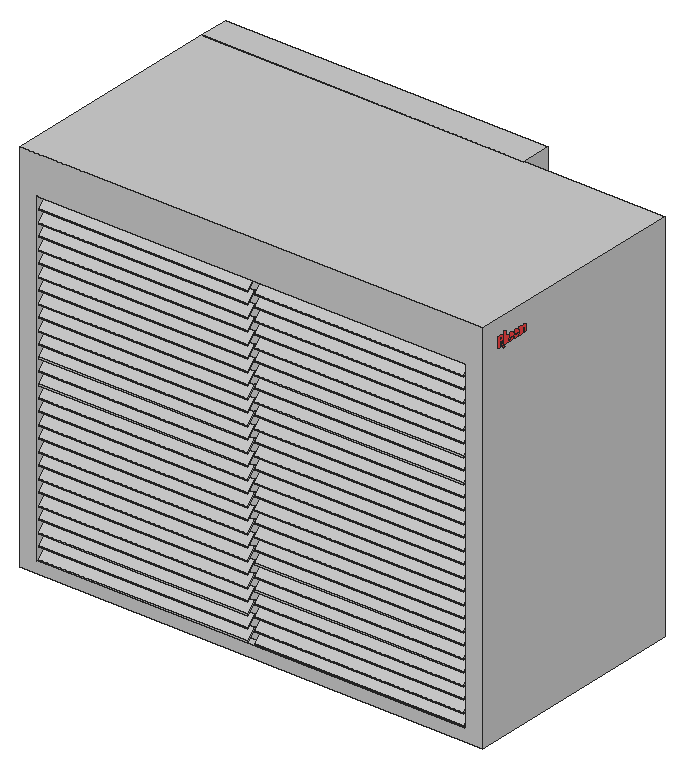
Revit family
Parameters (values of type "Commerical Heat Pump - Ducted")
  Unitheight_ANZRS = 935 mm
  UnitWidth_ANZRS = 565 mm
  UnitDepth_ANZRS [instance] = 1150 mm
  URL = "http://www.rheem.com.au/commercial_product.asp?ProdID=96&cat_id=2\r\n"
  Type Comments = "Output 16 KW @ 20oC/60% RH Recovery 300 L/h  @ 45°C  rise\r\n"
  Materials_ANZRS = Rheem - Joey Grey Steel
  OutletPipeDiameter_ANZRS = OutPipeRadius_ANZRS * 2  # 32 mm
  OutPipeRadius_ANZRS = 16 mm
  Model = "952022\r\n"
  Manufacturer = "Rheem\r\n"
  InletPipeDiameter_ANZRS = InPipeRadius_ANZRS * 2  # 32 mm
  InPipeRadius_ANZRS = 16 mm
  DesignBy_ANZRS = "Design Content ©\r\n"
  Description = "Commerical Heat Pump - Ducted \r\n"
  CondensateDrainPipeDiameter_ANZRS = CDPipeRadius_ANZRS * 2  # 20 mm
  CDPipeRadius_ANZRS = 10 mm
  Author_ANZRS = "DM"
  Assembly Code = ""
Reference planes
  plane 1 "Center (Front/Back)": y = 0
  plane 2: z = 0
  plane 3 "Center (Left/Right)": x = 0
  plane 4 "W1": y = 282.5
  plane 5 "W2": y = -282.5
  plane 6 "W4": x = -575
  plane 7 "W3": x = 575
  plane 8 "CENTER 1": x = -320
  plane 9 "CENTER 2": x = 180
  plane 10: z = 25
  plane 11 "HEIGHT": z = 960
  plane 12 "W11": y = 212.65
  plane 13 "W13": y = 147.65
  plane 14 "W15": y = -212.65
  plane 15 "W14": y = -147.65
  plane 16 "CD1": z = 225
  plane 17 "CD2": z = 555
  plane 18 "CENTER 3": y = -167.65
  plane 19 "w5": x = -545
  plane 20 "W7": x = 545
  plane 21 "H1": z = 53.419
  plane 22 "CENTER 5": y = 180.15
  plane 23 "CENTER 4": y = -180.15
  plane 24: y = -260.438
  plane 25 "W6": x = -527.091
  plane 26 "W9": x = 527.091
  plane 27 "W8": x = 532.091
  plane 28: x = -625
  plane 29: y = 174.5
  plane 30: y = 357.5
  plane 31: z = 30
Forms (mm)
  Extrusion 1, solid, material "Rheem - Joey Grey Steel" <- "Materials_ANZRS"
    sketch origin (0, 0, 0) x (1, 0, 0) y (0, 1, 0)
      loop
        line (-575, 282.5) -> (-575, -260.438) -> (575, -260.438) -> (575, 282.5) -> (-575, 282.5)
    from 25 to 960
  Extrusion 2, solid, material "Rheem - Joey Grey Steel" <- "Materials_ANZRS"
    sketch origin (0, 0, 0) x (0, 1, 0) y (0, 0, 1)
      loop
        circle (-167.65, 555) r 16
      loop
        circle (-167.65, 225) r 16
    from -575 to -625
  Extrusion 3, solid, material "Rheem - Joey Grey Steel" <- "Materials_ANZRS"
    sketch origin (0, 0, 0) x (0, 1, 0) y (0, 0, 1)
      loop
        line (212.65, 0) -> (212.65, 25) -> (147.65, 25) -> (147.65, 0) -> (212.65, 0)
      loop
        line (-147.65, 0) -> (-147.65, 25) -> (-212.65, 25) -> (-212.65, 0) -> (-147.65, 0)
    from -545 to 545
  Extrusion 4, solid, material "Rheem - Joey Grey Steel" <- "Materials_ANZRS"
    sketch origin (0, 0, 0) x (0, 1, 0) y (0, 0, 1)
      loop
        circle (180.15, 53.419) r 10
      loop
        circle (-180.15, 53.419) r 10
    from -575 to -625
  Extrusion 5, solid, material "Rheem - Joey Grey Steel" <- "Materials_ANZRS"
    sketch origin (0, 0, 0) x (0, 1, 0) y (0, 0, 1)
      loop
        line (-260.438, 860.039) -> (-282.5, 837.978) -> (-282.5, 835.579) -> (-260.438, 857.64) -> (-260.438, 860.039)
      loop
        line (-260.438, 830.039) -> (-282.5, 807.978) -> (-282.5, 805.579) -> (-260.438, 827.64) -> (-260.438, 830.039)
      loop
        line (-260.438, 800.039) -> (-282.5, 777.978) -> (-282.5, 775.579) -> (-260.438, 797.64) -> (-260.438, 800.039)
      loop
        line (-260.438, 770.039) -> (-282.5, 747.978) -> (-282.5, 745.579) -> (-260.438, 767.64) -> (-260.438, 770.039)
      loop
        line (-260.438, 740.039) -> (-282.5, 717.978) -> (-282.5, 715.579) -> (-260.438, 737.64) -> (-260.438, 740.039)
      loop
        line (-260.438, 710.039) -> (-282.5, 687.978) -> (-282.5, 685.579) -> (-260.438, 707.64) -> (-260.438, 710.039)
      loop
        line (-260.438, 680.039) -> (-282.5, 657.978) -> (-282.5, 655.579) -> (-260.438, 677.64) -> (-260.438, 680.039)
      loop
        line (-260.438, 650.039) -> (-282.5, 627.978) -> (-282.5, 625.579) -> (-260.438, 647.64) -> (-260.438, 650.039)
      loop
        line (-260.438, 620.039) -> (-282.5, 597.978) -> (-282.5, 595.579) -> (-260.438, 617.64) -> (-260.438, 620.039)
      loop
        line (-260.438, 590.039) -> (-282.5, 567.978) -> (-282.5, 565.579) -> (-260.438, 587.64) -> (-260.438, 590.039)
      loop
        line (-260.438, 560.039) -> (-282.5, 537.978) -> (-282.5, 535.579) -> (-260.438, 557.64) -> (-260.438, 560.039)
      loop
        line (-260.438, 530.039) -> (-282.5, 507.978) -> (-282.5, 505.579) -> (-260.438, 527.64) -> (-260.438, 530.039)
      loop
        line (-260.438, 500.039) -> (-282.5, 477.978) -> (-282.5, 475.579) -> (-260.438, 497.64) -> (-260.438, 500.039)
      loop
        line (-260.438, 470.039) -> (-282.5, 447.978) -> (-282.5, 445.579) -> (-260.438, 467.64) -> (-260.438, 470.039)
      loop
        line (-260.438, 440.039) -> (-282.5, 417.978) -> (-282.5, 415.579) -> (-260.438, 437.64) -> (-260.438, 440.039)
      loop
        line (-260.438, 410.039) -> (-282.5, 387.978) -> (-282.5, 385.579) -> (-260.438, 407.64) -> (-260.438, 410.039)
      loop
        line (-260.438, 380.039) -> (-282.5, 357.978) -> (-282.5, 355.579) -> (-260.438, 377.64) -> (-260.438, 380.039)
      loop
        line (-260.438, 350.039) -> (-282.5, 327.978) -> (-282.5, 325.579) -> (-260.438, 347.64) -> (-260.438, 350.039)
      loop
        line (-260.438, 320.039) -> (-282.5, 297.978) -> (-282.5, 295.579) -> (-260.438, 317.64) -> (-260.438, 320.039)
      loop
        line (-260.438, 290.039) -> (-282.5, 267.978) -> (-282.5, 265.579) -> (-260.438, 287.64) -> (-260.438, 290.039)
      loop
        line (-260.438, 260.039) -> (-282.5, 237.978) -> (-282.5, 235.579) -> (-260.438, 257.64) -> (-260.438, 260.039)
      loop
        line (-260.438, 230.039) -> (-282.5, 207.978) -> (-282.5, 205.579) -> (-260.438, 227.64) -> (-260.438, 230.039)
      loop
        line (-260.438, 200.039) -> (-282.5, 177.978) -> (-282.5, 175.579) -> (-260.438, 197.64) -> (-260.438, 200.039)
      loop
        line (-260.438, 170.039) -> (-282.5, 147.978) -> (-282.5, 145.579) -> (-260.438, 167.64) -> (-260.438, 170.039)
      loop
        line (-260.438, 140.039) -> (-282.5, 117.978) -> (-282.5, 115.579) -> (-260.438, 137.64) -> (-260.438, 140.039)
      loop
        line (-260.438, 110.039) -> (-282.5, 87.978) -> (-282.5, 85.579) -> (-260.438, 107.64) -> (-260.438, 110.039)
      loop
        line (-260.438, 80.039) -> (-282.5, 57.978) -> (-282.5, 55.579) -> (-260.438, 77.64) -> (-260.438, 80.039)
    from -527.091 to -9.296
  Extrusion 6, solid, material "Rheem - Joey Grey Steel" <- "Materials_ANZRS"
    sketch origin (0, 0, 0) x (1, 0, 0) y (0, 0, 1)
      loop
        line (-575, 960) -> (-575, 25) -> (-14.281, 25) -> (575, 25) -> (575, 960) -> (-575, 960)
      loop
        line (-532.091, 53.419) -> (532.091, 53.419) -> (532.091, 865.039) -> (-532.091, 865.039) -> (-532.091, 53.419)
    from 260.438 to 282.5
  Extrusion 7, solid, material "Rheem - Joey Grey Steel" <- "Materials_ANZRS"
    sketch origin (0, 0, 0) x (0, 1, 0) y (0, 0, -1)
      loop
        line (-260.438, -860.039) -> (-260.438, -857.64) -> (-282.5, -835.579) -> (-282.5, -837.978) -> (-260.438, -860.039)
      loop
        line (-260.438, -830.039) -> (-260.438, -827.64) -> (-282.5, -805.579) -> (-282.5, -807.978) -> (-260.438, -830.039)
      loop
        line (-260.438, -800.039) -> (-260.438, -797.64) -> (-282.5, -775.579) -> (-282.5, -777.978) -> (-260.438, -800.039)
      loop
        line (-260.438, -770.039) -> (-260.438, -767.64) -> (-282.5, -745.579) -> (-282.5, -747.978) -> (-260.438, -770.039)
      loop
        line (-260.438, -740.039) -> (-260.438, -737.64) -> (-282.5, -715.579) -> (-282.5, -717.978) -> (-260.438, -740.039)
      loop
        line (-260.438, -710.039) -> (-260.438, -707.64) -> (-282.5, -685.579) -> (-282.5, -687.978) -> (-260.438, -710.039)
      loop
        line (-260.438, -680.039) -> (-260.438, -677.64) -> (-282.5, -655.579) -> (-282.5, -657.978) -> (-260.438, -680.039)
      loop
        line (-260.438, -650.039) -> (-260.438, -647.64) -> (-282.5, -625.579) -> (-282.5, -627.978) -> (-260.438, -650.039)
      loop
        line (-260.438, -620.039) -> (-260.438, -617.64) -> (-282.5, -595.579) -> (-282.5, -597.978) -> (-260.438, -620.039)
      loop
        line (-260.438, -590.039) -> (-260.438, -587.64) -> (-282.5, -565.579) -> (-282.5, -567.978) -> (-260.438, -590.039)
      loop
        line (-260.438, -560.039) -> (-260.438, -557.64) -> (-282.5, -535.579) -> (-282.5, -537.978) -> (-260.438, -560.039)
      loop
        line (-260.438, -530.039) -> (-260.438, -527.64) -> (-282.5, -505.579) -> (-282.5, -507.978) -> (-260.438, -530.039)
      loop
        line (-260.438, -500.039) -> (-260.438, -497.64) -> (-282.5, -475.579) -> (-282.5, -477.978) -> (-260.438, -500.039)
      loop
        line (-260.438, -470.039) -> (-260.438, -467.64) -> (-282.5, -445.579) -> (-282.5, -447.978) -> (-260.438, -470.039)
      loop
        line (-260.438, -440.039) -> (-260.438, -437.64) -> (-282.5, -415.579) -> (-282.5, -417.978) -> (-260.438, -440.039)
      loop
        line (-260.438, -410.039) -> (-260.438, -407.64) -> (-282.5, -385.579) -> (-282.5, -387.978) -> (-260.438, -410.039)
      loop
        line (-260.438, -380.039) -> (-260.438, -377.64) -> (-282.5, -355.579) -> (-282.5, -357.978) -> (-260.438, -380.039)
      loop
        line (-260.438, -350.039) -> (-260.438, -347.64) -> (-282.5, -325.579) -> (-282.5, -327.978) -> (-260.438, -350.039)
      loop
        line (-260.438, -320.039) -> (-260.438, -317.64) -> (-282.5, -295.579) -> (-282.5, -297.978) -> (-260.438, -320.039)
      loop
        line (-260.438, -290.039) -> (-260.438, -287.64) -> (-282.5, -265.579) -> (-282.5, -267.978) -> (-260.438, -290.039)
      loop
        line (-260.438, -260.039) -> (-260.438, -257.64) -> (-282.5, -235.579) -> (-282.5, -237.978) -> (-260.438, -260.039)
      loop
        line (-260.438, -230.039) -> (-260.438, -227.64) -> (-282.5, -205.579) -> (-282.5, -207.978) -> (-260.438, -230.039)
      loop
        line (-260.438, -200.039) -> (-260.438, -197.64) -> (-282.5, -175.579) -> (-282.5, -177.978) -> (-260.438, -200.039)
      loop
        line (-260.438, -170.039) -> (-260.438, -167.64) -> (-282.5, -145.579) -> (-282.5, -147.978) -> (-260.438, -170.039)
      loop
        line (-260.438, -140.039) -> (-260.438, -137.64) -> (-282.5, -115.579) -> (-282.5, -117.978) -> (-260.438, -140.039)
      loop
        line (-260.438, -110.039) -> (-260.438, -107.64) -> (-282.5, -85.579) -> (-282.5, -87.978) -> (-260.438, -110.039)
      loop
        line (-260.438, -80.039) -> (-260.438, -77.64) -> (-282.5, -55.579) -> (-282.5, -57.978) -> (-260.438, -80.039)
    from -527.091 to -9.296
  Extrusion 8, solid, material "Rheem - Joey Grey Steel" <- "Materials_ANZRS"
    sketch origin (575, 0, 960) x (0, 0, -1) y (0, 1, 0)
      loop
        circle (286.023, 174.5) r 0.5
    from 0 to -1
  Extrusion 9, solid, material "Rheem - Joey Grey Steel" <- "Materials_ANZRS"
    sketch origin (575, 0, 960) x (0, 0, -1) y (0, 1, 0)
      loop
        circle (336.023, 174.5) r 0.5
    from 0 to -1
  Extrusion 10, solid, material "Rheem - Joey Grey Steel" <- "Materials_ANZRS"
    sketch origin (575, 0, 960) x (0, 0, -1) y (0, 1, 0)
      loop
        circle (311.023, 174.5) r 0.5
    from 0 to -1
  Extrusion 11, solid, material "Rheem - Joey Grey Steel" <- "Materials_ANZRS"
    sketch origin (575, 0, 960) x (0, 0, -1) y (0, 1, 0)
      loop
        circle (361.023, 174.5) r 0.5
    from 0 to -1
  Extrusion 12, solid, material "Rheem - Joey Grey Steel" <- "Materials_ANZRS"
    sketch origin (0, 0, 960) x (-1, 0, 0) y (0, -1, 0)
      loop
        line (575, -282.5) -> (-225, -282.5) -> (-225, -357.5) -> (575, -357.5) -> (575, -282.5)
    from 0 to -930
Cuts and joins
  joined: Extrusion 1, Extrusion 6
Lines and regions (mm)
  Masking region 1
    outline origin (0, 0, 0) x (1, 0, 0) y (0, 1, 0)
      loop
        line (575, 282.5) -> (-575, 282.5) -> (-575, -282.5) -> (575, -282.5) -> (575, 282.5)
  Masking region 2
    outline origin (0, 0, 0) x (1, 0, 0) y (0, 0, 1)
      loop
        line (-575, 960) -> (-575, 25) -> (-545, 25) -> (-545, 0) -> (545, 0) -> (545, 25) -> (575, 25) -> (575, 960) -> (-575, 960)
  Masking region 3
    outline origin (0, 0, 0) x (0, 1, 0) y (0, 0, 1)
      loop
        line (282.5, 25) -> (282.5, 960) -> (-282.5, 960) -> (-282.5, 25) -> (-212.65, 25) -> (-212.65, 0) -> (-147.65, 0) -> (-147.65, 25) -> (147.65, 25) -> (147.65, 0) -> (212.65, 0) -> (212.65, 25) -> (282.5, 25)
  Masking region 4
    outline origin (0, 0, 0) x (1, 0, 0) y (0, 1, 0)
      loop
        line (-575, 282.5) -> (-575, -282.5) -> (575, -282.5) -> (575, 282.5) -> (-575, 282.5)
  symbolic lines, style "Rheem - Heat Pump", detail levels fine
    curve 1: line (575, 282.5, 0) -> (-575, 282.5, 0)
    curve 2: line (-575, 282.5, 0) -> (-575, -282.5, 0)
    curve 3: line (-575, -282.5, 0) -> (575, -282.5, 0)
    curve 4: line (575, -282.5, 0) -> (575, 282.5, 0)
    curve 5: line (-625, 190.15, 0) -> (-625, 170.15, 0)
    curve 6: line (-625, 170.15, 0) -> (-575, 170.15, 0)
    curve 7: line (-625, 190.15, 0) -> (-575, 190.15, 0)
    curve 8: line (-625, -147.65, 0) -> (-625, -180.15, 0)
    curve 9: line (-625, -180.15, 0) -> (-575, -180.15, 0)
    curve 10: line (-625, -147.65, 0) -> (-575, -147.65, 0)
    curve 80: spline (-239.25, 284.125, 960) -> (-230.886, 283.929, 960) -> (-222.569, 283.441, 960) -> (-214.342, 282.662, 960) -> (-206.244, 281.597, 960) -> (-198.315, 280.252, 960) -> (-190.593, 278.632, 960) -> (-183.118, 276.745, 960) -> (-175.925, 274.602, 960) -> (-169.05, 272.212, 960) -> (-162.527, 269.587, 960) -> (-156.388, 266.74, 960) -> (-150.662, 263.685, 960)
    curve 81: spline (-84.717, 293.021, 960) -> (-85.75, 288.975, 960) -> (-87.825, 285.031, 960) -> (-90.908, 281.256, 960) -> (-94.946, 277.712, 960) -> (-99.871, 274.461, 960) -> (-105.598, 271.558, 960) -> (-112.032, 269.051, 960) -> (-119.063, 266.984, 960) -> (-126.571, 265.391, 960) -> (-134.43, 264.299, 960) -> (-142.506, 263.727, 960) -> (-150.662, 263.685, 960)
    curve 82: line (-84.717, 332.764, 960) -> (-84.717, 293.021, 960)
    curve 83: spline (-110.133, 345.472, 960) -> (-106.816, 345.364, 960) -> (-103.555, 345.039, 960) -> (-100.407, 344.505, 960) -> (-97.425, 343.77, 960) -> (-94.661, 342.846, 960) -> (-92.161, 341.75, 960) -> (-89.969, 340.501, 960) -> (-88.122, 339.118, 960) -> (-86.651, 337.627, 960) -> (-85.583, 336.053, 960) -> (-84.934, 334.423, 960) -> (-84.717, 332.764, 960)
    curve 84: spline (-239.25, 333.487, 960) -> (-234.591, 335.253, 960) -> (-229.751, 336.893, 960) -> (-224.742, 338.401, 960) -> (-219.579, 339.773, 960) -> (-214.277, 341.005, 960) -> (-208.851, 342.094, 960) -> (-203.316, 343.037, 960) -> (-197.689, 343.83, 960) -> (-191.984, 344.472, 960) -> (-186.22, 344.96, 960) -> (-180.411, 345.294, 960) -> (-174.575, 345.472, 960)
    curve 85: line (-239.25, 284.125, 960) -> (-239.25, 347.667, 960)
    curve 86: line (-254.5, 263.792, 960) -> (-239.25, 284.125, 960)
    curve 87: line (-376.5, 263.792, 960) -> (-254.5, 263.792, 960)
    curve 88: line (-391.75, 284.125, 960) -> (-376.5, 263.792, 960)
    curve 89: spline (-480.151, 263.792, 960) -> (-474.427, 266.832, 960) -> (-468.293, 269.664, 960) -> (-461.779, 272.276, 960) -> (-454.915, 274.653, 960) -> (-447.737, 276.785, 960) -> (-440.277, 278.661, 960) -> (-432.575, 280.273, 960) -> (-424.665, 281.611, 960) -> (-416.589, 282.67, 960) -> (-408.384, 283.444, 960) -> (-400.091, 283.93, 960) -> (-391.75, 284.125, 960)
    curve 90: spline (-489.968, 263.792, 960) -> (-497.231, 264.37, 960) -> (-504.309, 265.37, 960) -> (-511.103, 266.778, 960) -> (-517.52, 268.574, 960) -> (-523.472, 270.734, 960) -> (-528.877, 273.228, 960) -> (-533.659, 276.022, 960) -> (-537.754, 279.076, 960) -> (-541.105, 282.35, 960) -> (-543.665, 285.797, 960) -> (-545.399, 289.37, 960) -> (-546.283, 293.021, 960)
    curve 91: line (-489.968, 263.792, 960) -> (-480.151, 263.792, 960)
    curve 92: line (-546.283, 293.021, 960) -> (-546.283, 332.764, 960)
    curve 93: spline (-546.283, 332.764, 960) -> (-546.066, 334.423, 960) -> (-545.417, 336.053, 960) -> (-544.349, 337.627, 960) -> (-542.878, 339.118, 960) -> (-541.031, 340.501, 960) -> (-538.839, 341.75, 960) -> (-536.339, 342.846, 960) -> (-533.575, 343.77, 960) -> (-530.593, 344.505, 960) -> (-527.445, 345.039, 960) -> (-524.184, 345.364, 960) -> (-520.867, 345.472, 960)
    curve 94: spline (-456.425, 345.472, 960) -> (-450.589, 345.294, 960) -> (-444.78, 344.96, 960) -> (-439.016, 344.472, 960) -> (-433.311, 343.83, 960) -> (-427.684, 343.037, 960) -> (-422.149, 342.094, 960) -> (-416.723, 341.005, 960) -> (-411.421, 339.773, 960) -> (-406.258, 338.401, 960) -> (-401.249, 336.893, 960) -> (-396.409, 335.253, 960) -> (-391.75, 333.487, 960)
    curve 95: line (-520.867, 345.472, 960) -> (-456.425, 345.472, 960)
    curve 96: line (-110.133, 345.472, 960) -> (-174.575, 345.472, 960)
    curve 97: line (-391.75, 284.125, 960) -> (-239.25, 284.125, 960)
    curve 98: line (-391.75, 347.667, 960) -> (-391.75, 284.125, 960)
    curve 99: line (-239.25, 347.667, 960) -> (-391.75, 347.667, 960)
    curve 100: line (-376.5, 357.5, 960) -> (-391.75, 347.667, 960)
    curve 101: line (-254.5, 357.5, 960) -> (-376.5, 357.5, 960)
    curve 102: line (-239.25, 347.667, 960) -> (-254.5, 357.5, 960)
    curve 103: line (-114.5, 263.792, 960) -> (7.5, 263.792, 960)
    curve 104: line (-88.462, 284.125, 960) -> (22.75, 284.125, 960)
    curve 105: line (7.5, 263.792, 960) -> (22.75, 284.125, 960)
    curve 106: line (22.75, 284.125, 960) -> (22.75, 347.667, 960)
    curve 107: line (-129.75, 347.667, 960) -> (22.75, 347.667, 960)
    curve 108: line (22.75, 347.667, 960) -> (7.5, 357.5, 960)
    curve 109: spline (22.75, 333.487, 960) -> (27.409, 335.253, 960) -> (32.249, 336.893, 960) -> (37.258, 338.401, 960) -> (42.421, 339.773, 960) -> (47.723, 341.005, 960) -> (53.149, 342.094, 960) -> (58.684, 343.037, 960) -> (64.311, 343.83, 960) -> (70.016, 344.472, 960) -> (75.78, 344.96, 960) -> (81.589, 345.294, 960) -> (87.425, 345.472, 960)
    curve 110: line (151.867, 345.472, 960) -> (87.425, 345.472, 960)
    curve 111: spline (151.867, 345.472, 960) -> (155.184, 345.364, 960) -> (158.445, 345.039, 960) -> (161.593, 344.505, 960) -> (164.575, 343.77, 960) -> (167.339, 342.846, 960) -> (169.839, 341.75, 960) -> (172.031, 340.501, 960) -> (173.878, 339.118, 960) -> (175.349, 337.627, 960) -> (176.417, 336.053, 960) -> (177.066, 334.423, 960) -> (177.283, 332.764, 960)
    curve 112: line (177.283, 332.764, 960) -> (177.283, 293.021, 960)
    curve 113: spline (177.283, 293.021, 960) -> (176.399, 289.37, 960) -> (174.665, 285.797, 960) -> (172.105, 282.35, 960) -> (168.754, 279.076, 960) -> (164.659, 276.022, 960) -> (159.877, 273.228, 960) -> (154.472, 270.734, 960) -> (148.52, 268.574, 960) -> (142.103, 266.778, 960) -> (135.309, 265.37, 960) -> (128.231, 264.37, 960) -> (120.968, 263.792, 960)
    curve 114: spline (22.75, 284.125, 960) -> (31.091, 283.93, 960) -> (39.384, 283.444, 960) -> (47.589, 282.67, 960) -> (55.665, 281.611, 960) -> (63.575, 280.273, 960) -> (71.277, 278.661, 960) -> (78.737, 276.785, 960) -> (85.915, 274.653, 960) -> (92.779, 272.276, 960) -> (99.293, 269.664, 960) -> (105.427, 266.832, 960) -> (111.151, 263.792, 960)
    curve 115: line (120.968, 263.792, 960) -> (111.151, 263.792, 960)
    curve 116: line (-114.5, 263.792, 960) -> (-117.5, 267.792, 960)
    curve 117: line (-129.75, 347.667, 960) -> (-114.5, 357.5, 960)
    curve 118: line (-129.75, 347.667, 960) -> (-129.75, 345.472, 960)
    curve 119: line (-114.5, 357.5, 960) -> (7.5, 357.5, 960)
  symbolic lines, detail levels fine
    curve 11: line (-575, 0, 960) -> (-575, 0, 25)
    curve 12: line (575, 0, 960) -> (-575, 0, 960)
    curve 13: line (575, 0, 25) -> (575, 0, 960)
    curve 14: line (-575, 0, 25) -> (575, 0, 25)
    curve 15: line (-545, 0, 0) -> (545, 0, 0)
    curve 16: line (545, 0, 0) -> (545, 0, 25)
    curve 17: line (-545, 0, 25) -> (-545, 0, 0)
    curve 18: line (-625, 0, 63.419) -> (-625, 0, 43.419)
    curve 19: line (-625, 0, 571) -> (-625, 0, 538.877)
    curve 20: line (-625, 0, 241) -> (-625, 0, 209)
    curve 21: line (-625, 0, 571) -> (-575, 0, 571)
    curve 22: line (-625, 0, 538.877) -> (-575, 0, 538.877)
    curve 23: line (-625, 0, 241) -> (-575, 0, 241)
    curve 24: line (-625, 0, 209) -> (-575, 0, 209)
    curve 25: line (-625, 0, 63.419) -> (-575, 0, 63.419)
    curve 26: line (-625, 0, 43.419) -> (-575, 0, 43.419)
    curve 27: line (0, 282.5, 25) -> (0, 282.5, 960)
    curve 28: line (0, 282.5, 960) -> (0, -282.5, 960)
    curve 29: line (0, -282.5, 960) -> (0, -282.5, 25)
    curve 30: line (0, -282.5, 25) -> (0, 282.5, 25)
    curve 31: line (0, 212.65, 0) -> (0, 212.65, 25)
    curve 32: line (0, 147.65, 0) -> (0, 212.65, 0)
    curve 33: line (0, 147.65, 25) -> (0, 147.65, 0)
    curve 34: line (0, -147.65, 0) -> (0, -147.65, 25)
    curve 35: line (0, -212.65, 0) -> (0, -147.65, 0)
    curve 36: line (0, -212.65, 25) -> (0, -212.65, 0)
    curve 37: arc (0, -170.15, 53.419) -> (0, -180.15, 43.419) -> (0, -190.15, 53.419) r 10
    curve 38: arc (0, -190.15, 53.419) -> (0, -180.15, 63.419) -> (0, -170.15, 53.419) r 10
    curve 39: arc (0, 190.15, 53.419) -> (0, 180.15, 43.419) -> (0, 170.15, 53.419) r 10
    curve 40: arc (0, 170.15, 53.419) -> (0, 180.15, 63.419) -> (0, 190.15, 53.419) r 10
    curve 41: arc (0, -151.65, 225) -> (0, -167.65, 209) -> (0, -183.65, 225) r 16
    curve 42: arc (0, -183.65, 225) -> (0, -167.65, 241) -> (0, -151.65, 225) r 16
    curve 43: arc (0, -151.65, 555) -> (0, -167.65, 539) -> (0, -183.65, 555) r 16
    curve 44: arc (0, -183.65, 555) -> (0, -167.65, 571) -> (0, -151.65, 555) r 16
    curve 45: arc (0, 296.406, 550.722) -> (0, 307.641, 604.96) -> (0, 308.385, 660.345) r 290.723
    curve 46: arc (0, 346.225, 660.345) -> (0, 357.589, 578.531) -> (0, 342.5, 497.321) r 257.845
    curve 47: line (0, 342.5, 497.321) -> (0, 307.775, 497.321)
    curve 48: arc (0, 307.775, 497.321) -> (0, 298.288, 523.212) -> (0, 296.406, 550.722) r 97.782
    curve 49: line (0, 296.406, 889.919) -> (0, 307.775, 943.321)
    curve 50: line (0, 307.775, 943.321) -> (0, 342.5, 943.321)
    curve 51: arc (0, 296.406, 889.919) -> (0, 307.626, 835.814) -> (0, 308.407, 780.562) r 290.723
    curve 52: arc (0, 346.307, 780.562) -> (0, 357.586, 862.25) -> (0, 342.5, 943.321) r 257.845
    curve 53: line (0, 357.5, 771.722) -> (0, 357.5, 669.101)
    curve 54: line (0, 293.67, 771.712) -> (0, 293.67, 669.101)
    curve 55: line (0, 293.67, 669.101) -> (0, 302.426, 660.345)
    curve 56: line (0, 302.519, 660.252) -> (0, 302.519, 780.562)
    curve 57: line (0, 293.67, 771.712) -> (0, 302.519, 780.562)
    curve 58: line (0, 302.519, 780.562) -> (0, 348.66, 780.562)
    curve 59: line (0, 348.66, 780.562) -> (0, 357.5, 771.722)
    curve 60: line (0, 357.5, 669.101) -> (0, 348.743, 660.345)
    curve 61: line (0, 348.743, 660.345) -> (0, 302.426, 660.345)
    curve 62: line (0, 348.66, 780.562) -> (0, 348.66, 660.345)
    curve 63: arc (0, 296.406, 175.722) -> (0, 307.641, 229.96) -> (0, 308.385, 285.345) r 290.723
    curve 64: arc (0, 346.225, 285.345) -> (0, 357.589, 203.531) -> (0, 342.5, 122.321) r 257.845
    curve 65: line (0, 342.5, 122.321) -> (0, 307.775, 122.321)
    curve 66: arc (0, 307.775, 122.321) -> (0, 298.288, 148.212) -> (0, 296.406, 175.722) r 97.782
    curve 67: line (0, 296.406, 514.919) -> (0, 296.873, 531.653)
    curve 68: arc (0, 296.406, 514.919) -> (0, 307.626, 460.814) -> (0, 308.407, 405.562) r 290.723
    curve 69: arc (0, 346.307, 405.562) -> (0, 357.358, 468.807) -> (0, 352.441, 532.821) r 257.845
    curve 70: line (0, 357.5, 396.722) -> (0, 357.5, 294.101)
    curve 71: line (0, 293.67, 396.712) -> (0, 293.67, 294.101)
    curve 72: line (0, 293.67, 294.101) -> (0, 302.519, 285.252)
    curve 73: line (0, 302.519, 285.252) -> (0, 302.519, 405.562)
    curve 74: line (0, 293.67, 396.712) -> (0, 302.519, 405.562)
    curve 75: line (0, 302.519, 405.562) -> (0, 348.66, 405.562)
    curve 76: line (0, 348.66, 405.562) -> (0, 357.5, 396.722)
    curve 77: line (0, 357.5, 294.101) -> (0, 348.743, 285.345)
    curve 78: line (0, 348.743, 285.345) -> (0, 302.426, 285.345)
    curve 79: line (0, 348.66, 405.562) -> (0, 348.66, 285.345)
  model lines, style "Rheem - Heat Pump"
    curve 120: circle (-43.953, 357.5, 695.321) r 244 normal (0, 1, 0)
    curve 121: line (-87.712, 357.5, 755.063) -> (-77.385, 357.5, 873.111)
    curve 122: arc (-77.385, 357.5, 873.111) -> (-60.138, 357.5, 906.241) -> (-24.517, 357.5, 917.472) r 48.8
    curve 123: line (-24.517, 357.5, 917.472) -> (24.097, 357.5, 913.219)
    curve 124: line (24.097, 357.5, 913.219) -> (9.516, 357.5, 746.557)
    curve 125: line (-95.189, 357.5, 748.79) -> (-261.851, 357.5, 763.371)
    curve 126: line (-261.851, 357.5, 763.371) -> (-266.104, 357.5, 714.756)
    curve 127: arc (-266.104, 357.5, 714.756) -> (-254.873, 357.5, 679.135) -> (-221.743, 357.5, 661.889) r 48.8
    curve 128: line (-221.743, 357.5, 661.889) -> (-103.695, 357.5, 651.561)
    curve 129: line (-97.422, 357.5, 644.084) -> (-112.003, 357.5, 482.558)
    curve 130: line (-112.003, 357.5, 482.558) -> (-63.389, 357.5, 478.169)
    curve 131: arc (-63.389, 357.5, 478.169) -> (-27.767, 357.5, 489.401) -> (-10.521, 357.5, 522.53) r 48.8
    curve 132: line (-10.521, 357.5, 522.53) -> (-0.193, 357.5, 635.578)
    curve 133: line (15.79, 357.5, 739.08) -> (133.837, 357.5, 728.752)
    curve 134: arc (133.837, 357.5, 728.752) -> (166.967, 357.5, 711.506) -> (178.199, 357.5, 675.885) r 48.8
    curve 135: line (178.199, 357.5, 675.885) -> (173.945, 357.5, 627.271)
    curve 136: line (173.945, 357.5, 627.271) -> (7.283, 357.5, 641.852)
    curve 137: circle (-43.953, 357.5, 695.321) r 206 normal (0, 1, 0)
    curve 138: circle (-43.953, 357.5, 695.321) r 168 normal (0, 1, 0)
    curve 139: circle (-43.953, 357.5, 695.321) r 130 normal (0, 1, 0)
    curve 140: circle (-43.953, 357.5, 695.321) r 92 normal (0, 1, 0)
    curve 141: circle (-43.953, 357.5, 695.321) r 54 normal (0, 1, 0)
    curve 142: circle (-243.599, 357.5, 527.797) r 4.88 normal (0, 1, 0)
    curve 143: circle (123.57, 357.5, 495.674) r 4.88 normal (0, 1, 0)
    curve 144: line (-5.646, 357.5, 657.26) -> (127.309, 357.5, 498.811)
    curve 145: line (-13.123, 357.5, 650.987) -> (119.832, 357.5, 492.537)
    curve 146: line (-82.013, 357.5, 657.014) -> (-240.463, 357.5, 524.059)
    curve 147: line (-88.287, 357.5, 664.49) -> (-246.736, 357.5, 531.536)
    curve 148: line (-74.783, 357.5, 739.655) -> (-207.738, 357.5, 898.104)
    curve 149: line (-82.26, 357.5, 733.381) -> (-215.214, 357.5, 891.83)
    curve 150: circle (-211.476, 357.5, 894.967) r 4.88 normal (0, 1, 0)
    curve 151: line (-5.893, 357.5, 733.627) -> (152.557, 357.5, 866.582)
    curve 152: line (0.381, 357.5, 726.151) -> (158.83, 357.5, 859.106)
    curve 153: circle (155.694, 357.5, 862.844) r 4.88 normal (0, 1, 0)
    curve 154: circle (-305.953, 357.5, 284.321) r 244 normal (0, 1, 0)
    curve 155: line (-349.712, 357.5, 343.577) -> (-339.385, 357.5, 457.111)
    curve 156: arc (-339.385, 357.5, 457.111) -> (-322.138, 357.5, 490.241) -> (-286.517, 357.5, 501.472) r 48.8
    curve 157: line (-286.517, 357.5, 501.472) -> (-237.903, 357.5, 497.084)
    curve 158: line (-237.903, 357.5, 497.084) -> (-252.484, 357.5, 335.557)
    curve 159: line (-357.189, 357.5, 337.303) -> (-523.851, 357.5, 347.371)
    curve 160: line (-523.851, 357.5, 347.371) -> (-528.104, 357.5, 276.96)
    curve 161: arc (-528.104, 357.5, 276.96) -> (-516.873, 357.5, 241.338) -> (-483.743, 357.5, 224.092) r 48.8
    curve 162: line (-483.743, 357.5, 224.092) -> (-365.695, 357.5, 240.561)
    curve 163: line (-359.422, 357.5, 233.084) -> (-374.003, 357.5, 66.422)
    curve 164: line (-374.003, 357.5, 66.422) -> (-325.389, 357.5, 62.169)
    curve 165: arc (-325.389, 357.5, 62.169) -> (-289.767, 357.5, 73.401) -> (-272.521, 357.5, 106.53) r 48.8
    curve 166: line (-272.521, 357.5, 106.53) -> (-262.193, 357.5, 224.578)
    curve 167: line (-246.21, 357.5, 328.08) -> (-128.163, 357.5, 317.752)
    curve 168: arc (-128.163, 357.5, 317.752) -> (-95.033, 357.5, 300.506) -> (-83.801, 357.5, 264.885) r 48.8
    curve 169: line (-83.801, 357.5, 264.885) -> (-88.055, 357.5, 216.271)
    curve 170: line (-88.055, 357.5, 216.271) -> (-254.717, 357.5, 230.852)
    curve 171: circle (-305.953, 357.5, 284.321) r 206 normal (0, 1, 0)
    curve 172: circle (-305.953, 357.5, 284.321) r 168 normal (0, 1, 0)
    curve 173: circle (-305.953, 357.5, 284.321) r 130 normal (0, 1, 0)
    curve 174: circle (-305.953, 357.5, 284.321) r 92 normal (0, 1, 0)
    curve 175: circle (-305.953, 357.5, 284.321) r 54 normal (0, 1, 0)
    curve 176: circle (-505.599, 357.5, 116.797) r 4.88 normal (0, 1, 0)
    curve 177: circle (-138.43, 357.5, 84.674) r 4.88 normal (0, 1, 0)
    curve 178: line (-267.646, 357.5, 246.26) -> (-134.691, 357.5, 87.811)
    curve 179: line (-275.123, 357.5, 239.987) -> (-142.168, 357.5, 81.537)
    curve 180: line (-344.013, 357.5, 246.014) -> (-502.463, 357.5, 113.059)
    curve 181: line (-350.287, 357.5, 253.49) -> (-508.736, 357.5, 120.536)
    curve 182: line (-336.783, 357.5, 328.655) -> (-469.738, 357.5, 482.104)
    curve 183: line (-344.26, 357.5, 322.381) -> (-477.214, 357.5, 475.83)
    curve 184: circle (-473.476, 357.5, 478.967) r 4.88 normal (0, 1, 0)
    curve 185: line (-267.893, 357.5, 322.627) -> (-109.443, 357.5, 455.582)
    curve 186: line (-261.619, 357.5, 315.151) -> (-103.17, 357.5, 448.106)
    curve 187: circle (-106.306, 357.5, 451.844) r 4.88 normal (0, 1, 0)
Dimensions and locks
  equal spacing: plane 6 "W4", plane 3 "Center (Left/Right)", plane 7 "W3"
  equal spacing: plane 4 "W1", plane 1 "Center (Front/Back)", plane 5 "W2"
  "UnitWidth_ANZRS": plane 4 "W1" to plane 5 "W2"
  "UnitDepth_ANZRS": plane 6 "W4" to plane 7 "W3"
  plane 6 "W4" to plane 8 "CENTER 1" = 255 mm
  plane 9 "CENTER 2" to plane 7 "W3" = 395 mm
  plane 8 "CENTER 1" to plane 9 "CENTER 2" = 500 mm
  "Unitheight_ANZRS": plane 11 "HEIGHT" to plane 10
  plane 10 to level = 25 mm
  plane 12 "W11" to plane 13 "W13" = 65 mm
  plane 15 "W14" to plane 14 "W15" = 65 mm
  plane 16 "CD1" to plane 10 = 200 mm
  plane 17 "CD2" to plane 10 = 530 mm
  locked: plane 19 "w5" to plane 6 "W4" at 30
  locked: plane 7 "W3" to plane 20 "W7" at 30
  plane 28 to plane 19 "w5" = 80 mm
  plane 21 "H1" to level = 53.419 mm
  plane 4 "W1" to plane 5 "W2" = 565 mm
  plane 30 to plane 5 "W2" = 640 mm
  plane 30 to plane 4 "W1" = 75 mm
  Extrusion 12 to Extrusion 12 = 800 mm
  plane 11 "HEIGHT" to plane 31 = 930 mm
  plane 11 "HEIGHT" to plane 10 = 935 mm
  "OutPipeRadius_ANZRS": radius of Extrusion 2 sketch curve
  "InPipeRadius_ANZRS": radius of Extrusion 2 sketch curve
  "CDPipeRadius_ANZRS": radius of Extrusion 4 sketch curve  (x2)
  aligned and locked: level to plane 2
  aligned and locked: Extrusion 1 sketch curve to plane 4 "W1"
  aligned and locked: Extrusion 1 sketch curve to plane 6 "W4"
  aligned and locked: Extrusion 1 sketch curve to plane 7 "W3"
  aligned and locked: plane 11 "HEIGHT" to Extrusion 1
  aligned and locked: Extrusion 1 to plane 10
  aligned and locked: plane 17 "CD2" to Extrusion 2 sketch curve
  aligned and locked: plane 18 "CENTER 3" to Extrusion 2 sketch curve  (x2)
  aligned and locked: plane 16 "CD1" to Extrusion 2 sketch curve
  aligned: Extrusion 2 to plane 7 "W3"
  aligned and locked: level to Extrusion 3 sketch curve  (x2)
  aligned and locked: plane 12 "W11" to Extrusion 3 sketch curve
  aligned and locked: Extrusion 3 sketch curve to plane 10  (x2)
  aligned and locked: Extrusion 3 sketch curve to plane 13 "W13"
  aligned and locked: Extrusion 3 sketch curve to plane 15 "W14"
  aligned and locked: plane 14 "W15" to Extrusion 3 sketch curve
  aligned and locked: Extrusion 3 to plane 19 "w5"
  aligned and locked: Extrusion 3 to plane 20 "W7"
  aligned and locked: plane 22 "CENTER 5" to Extrusion 4 sketch curve
  aligned and locked: plane 21 "H1" to Extrusion 4 sketch curve  (x2)
  aligned and locked: plane 23 "CENTER 4" to Extrusion 4 sketch curve
  aligned and locked: Extrusion 4 to Extrusion 2
  aligned: Extrusion 4 to plane 7 "W3"
  aligned and locked: plane 5 "W2" to Extrusion 6
  aligned and locked: plane 26 "W9" to Extrusion 7
  aligned and locked: Extrusion 6 to plane 27 "W8"
  aligned and locked: Extrusion 6 sketch curve to plane 21 "H1"
  aligned and locked: Extrusion 2 to plane 6 "W4"
  aligned and locked: plane 28 to Extrusion 2
  aligned and locked: Extrusion 4 to plane 6 "W4"
  aligned and locked: plane 28 to Extrusion 4
  aligned and locked: curve 1 to cut or joined group of Extrusion 1, Extrusion 6
  aligned and locked: cut or joined group of Extrusion 1, Extrusion 6 to curve 2
  aligned and locked: curve 3 to cut or joined group of Extrusion 1, Extrusion 6
  aligned and locked: curve 4 to cut or joined group of Extrusion 1, Extrusion 6
  aligned and locked: curve 11 to cut or joined group of Extrusion 1, Extrusion 6
  aligned and locked: curve 12 to cut or joined group of Extrusion 1, Extrusion 6
  aligned and locked: curve 13 to cut or joined group of Extrusion 1, Extrusion 6
  aligned and locked: curve 14 to cut or joined group of Extrusion 1, Extrusion 6
  aligned and locked: curve 18 to Extrusion 4
  aligned and locked: curve 19 to Extrusion 2
  aligned and locked: Masking region 1 sketch curve to curve 1
  aligned and locked: Masking region 1 sketch curve to curve 4
  aligned and locked: Masking region 1 sketch curve to curve 3
  aligned and locked: Masking region 1 sketch curve to curve 2
  aligned and locked: Masking region 2 sketch curve to curve 12
  aligned and locked: Masking region 2 sketch curve to curve 11
  aligned and locked: Masking region 2 sketch curve to curve 14
  aligned and locked: Masking region 2 sketch curve to curve 13
  aligned and locked: Masking region 2 sketch curve to curve 15
  aligned and locked: Masking region 2 sketch curve to curve 17
  aligned and locked: Masking region 2 sketch curve to curve 16
  aligned and locked: curve 27 to cut or joined group of Extrusion 1, Extrusion 6
  aligned and locked: cut or joined group of Extrusion 1, Extrusion 6 to curve 28
  aligned and locked: curve 29 to cut or joined group of Extrusion 1, Extrusion 6
  aligned and locked: curve 30 to cut or joined group of Extrusion 1, Extrusion 6
  aligned and locked: curve 37 to Extrusion 4
  aligned and locked: curve 38 to Extrusion 4
  aligned and locked: curve 39 to Extrusion 4
  aligned and locked: curve 40 to Extrusion 4
  aligned and locked: curve 41 to Extrusion 2
  aligned and locked: curve 42 to Extrusion 2
  aligned and locked: curve 43 to Extrusion 2
  aligned and locked: curve 44 to Extrusion 2
  aligned and locked: Masking region 3 sketch curve to curve 27
  aligned and locked: Masking region 3 sketch curve to curve 28
  aligned and locked: Masking region 3 sketch curve to curve 29
  aligned and locked: Masking region 3 sketch curve to curve 32
  aligned and locked: Masking region 3 sketch curve to curve 31
  aligned and locked: Masking region 3 sketch curve to curve 33
  aligned and locked: Masking region 3 sketch curve to curve 34
  aligned and locked: Masking region 3 sketch curve to curve 35
  aligned and locked: Masking region 3 sketch curve to curve 36
  aligned and locked: Masking region 3 sketch curve to curve 30
  aligned and locked: Masking region 4 sketch curve to curve 1
  aligned and locked: Masking region 4 sketch curve to curve 2
  aligned and locked: Masking region 4 sketch curve to curve 3
  aligned and locked: Masking region 4 sketch curve to curve 4
  aligned and locked: Extrusion 12 to plane 31
Automatic sketch dimensions
  curve 30 to plane 5 "W2" = 0 mm
  curve 36 to plane 10 = 0 mm
  curve 36 to plane 14 "W15" = 0 mm
  curve 34 to level = 0 mm
  curve 34 to plane 15 "W14" = 0 mm
  curve 33 to level = 0 mm
  curve 33 to plane 13 "W13" = 0 mm
  curve 31 to plane 12 "W11" = 0 mm
  curve 27 to plane 4 "W1" = 0 mm
  curve 60 to plane 30 = 0 mm
  curve 76 to plane 30 = 0 mm
  curve 27 to plane 11 "HEIGHT" = 0 mm
  curve 68 to plane 1 "Center (Front/Back)" = 18.639 mm
  curve 63 to plane 1 "Center (Front/Back)" = 18.639 mm
  curve 45 to plane 1 "Center (Front/Back)" = 18.639 mm
  curve 51 to plane 1 "Center (Front/Back)" = 18.639 mm
  curve 64 to plane 16 "CD1" = 15.579 mm
  plane 13 "W13" to curve 64 = 47.839 mm
  plane 17 "CD2" to curve 46 = 29.421 mm
  plane 13 "W13" to curve 46 = 47.839 mm
  plane 13 "W13" to curve 52 = 47.839 mm
  plane 13 "W13" to curve 69 = 47.839 mm
  plane 4 "W1" to curve 72 = 11.17 mm
  plane 4 "W1" to curve 54 = 11.17 mm
  curve 45 to plane 17 "CD2" = 4.278 mm
  plane 4 "W1" to curve 45 = 13.906 mm
  plane 4 "W1" to curve 68 = 13.906 mm
  plane 4 "W1" to curve 49 = 13.906 mm
  plane 4 "W1" to curve 66 = 13.906 mm
  plane 4 "W1" to curve 67 = 14.373 mm
  curve 71 to curve 78 = 8.757 mm
  curve 54 to curve 55 = 8.757 mm
  curve 55 to curve 56 = 0.093 mm
  curve 78 to curve 73 = 0.093 mm
  plane 4 "W1" to curve 66 = 25.275 mm
  curve 49 to plane 11 "HEIGHT" = 16.679 mm
  plane 4 "W1" to curve 49 = 25.275 mm
  curve 67 to curve 47 = 11.369 mm
  curve 72 to curve 63 = 5.866 mm
  curve 56 to curve 45 = 5.866 mm
  curve 56 to curve 51 = 5.888 mm
  curve 73 to curve 68 = 5.888 mm
  curve 65 to plane 30 = 15 mm
  curve 50 to plane 30 = 15 mm
  curve 46 to plane 30 = 15 mm
  curve 64 to plane 30 = 11.275 mm
  curve 46 to plane 30 = 11.275 mm
  curve 69 to plane 30 = 11.193 mm
  curve 52 to plane 30 = 11.193 mm
  curve 52 to curve 59 = 2.354 mm
  curve 64 to curve 79 = 2.435 mm
  curve 79 to curve 78 = 0.083 mm
  curve 62 to curve 60 = 0.083 mm
  curve 69 to plane 30 = 5.059 mm
  plane 30 to curve 48 = 36.426 mm
  plane 30 to curve 66 = 36.426 mm
  plane 21 "H1" to curve 65 = 68.902 mm
  curve 64 to curve 66 = 46.252 mm
  curve 73 to curve 78 = 0.093 mm
  curve 77 to curve 77 = 8.757 mm
  curve 78 to curve 71 = 8.757 mm
  curve 71 to curve 71 = 102.611 mm
  curve 71 to curve 70 = 0.01 mm
  curve 71 to curve 75 = 8.849 mm
  curve 68 to plane 17 "CD2" = 125.9 mm
  curve 69 to plane 17 "CD2" = 73.779 mm
  curve 56 to curve 55 = 0.093 mm
  curve 55 to curve 55 = 8.757 mm
  curve 60 to curve 53 = 8.757 mm
  curve 54 to curve 57 = 102.611 mm
  curve 54 to curve 59 = 0.01 mm
  curve 53 to curve 59 = 8.84 mm
  curve 51 to curve 52 = 52.121 mm
  plane 28 to curve 19 = 0 mm
  plane 28 to curve 20 = 0 mm
  plane 28 to curve 26 = 0 mm
  plane 6 "W4" to curve 23 = 0 mm
  curve 17 to plane 10 = 0 mm
  curve 17 to plane 19 "w5" = 0 mm
  plane 20 "W7" to curve 16 = 0 mm
  curve 13 to plane 7 "W3" = 0 mm
  curve 15 to level = 0 mm
  curve 12 to plane 11 "HEIGHT" = 0 mm
  curve 26 to plane 21 "H1" = 10 mm
  plane 21 "H1" to curve 18 = 10 mm
  curve 24 to plane 16 "CD1" = 16 mm
  plane 16 "CD1" to curve 23 = 16 mm
  curve 22 to plane 17 "CD2" = 16.123 mm
  plane 17 "CD2" to curve 21 = 16 mm
  curve 6 to plane 28 = 0 mm
  curve 8 to plane 15 "W14" = 0 mm
  curve 8 to plane 28 = 0 mm
  plane 5 "W2" to curve 3 = 0 mm
  curve 3 to plane 6 "W4" = 0 mm
  curve 4 to plane 7 "W3" = 0 mm
  plane 23 "CENTER 4" to curve 8 = 0 mm
  curve 2 to plane 4 "W1" = 0 mm
  curve 6 to plane 29 = 4.35 mm
  plane 22 "CENTER 5" to curve 7 = 10 mm
  Extrusion 1 sketch curve to plane 24 = 0 mm
  Extrusion 5 sketch curve to plane 5 "W2" = 0 mm  (x27)
  Extrusion 5 sketch curve to plane 24 = 0 mm  (x27)
  plane 21 "H1" to Extrusion 5 sketch curve = 2.159 mm
  Extrusion 5 sketch curve to Extrusion 5 sketch curve = 2.399 mm  (x54)
  plane 21 "H1" to Extrusion 5 sketch curve = 24.221 mm
  Extrusion 5 sketch curve to Extrusion 5 sketch curve = 5.539 mm  (x22)
  Extrusion 5 sketch curve to Extrusion 5 sketch curve = 27.601 mm  (x22)
  Extrusion 5 sketch curve to plane 16 "CD1" = 27.36 mm
  Extrusion 5 sketch curve to plane 16 "CD1" = 19.421 mm
  plane 16 "CD1" to Extrusion 5 sketch curve = 2.64 mm
  plane 16 "CD1" to Extrusion 5 sketch curve = 10.579 mm
  Extrusion 5 sketch curve to plane 17 "CD2" = 27.36 mm
  Extrusion 5 sketch curve to plane 17 "CD2" = 19.421 mm
  plane 17 "CD2" to Extrusion 5 sketch curve = 2.64 mm
  plane 17 "CD2" to Extrusion 5 sketch curve = 10.579 mm
  plane 6 "W4" to Extrusion 6 sketch curve = 0 mm
  Extrusion 6 sketch curve to plane 10 = 0 mm
  Extrusion 6 sketch curve to plane 27 "W8" = 0 mm
  Extrusion 6 sketch curve to plane 7 "W3" = 0 mm
  Extrusion 6 sketch curve to plane 11 "HEIGHT" = 0 mm
  Extrusion 6 sketch curve to plane 25 "W6" = 5 mm
  Extrusion 6 sketch curve to plane 3 "Center (Left/Right)" = 14.281 mm
  Extrusion 6 sketch curve to plane 11 "HEIGHT" = 94.961 mm
  Extrusion 7 sketch curve to plane 5 "W2" = 0 mm  (x27)
  Extrusion 7 sketch curve to plane 24 = 0 mm  (x27)
  Extrusion 7 sketch curve to plane 11 "HEIGHT" = 99.961 mm
  Extrusion 7 sketch curve to Extrusion 7 sketch curve = 2.399 mm  (x53)
  Extrusion 7 sketch curve to Extrusion 7 sketch curve = 19.662 mm
  Extrusion 7 sketch curve to Extrusion 7 sketch curve = 5.539 mm  (x24)
  Extrusion 7 sketch curve to Extrusion 7 sketch curve = 27.601 mm  (x21)
  plane 17 "CD2" to Extrusion 7 sketch curve = 12.978 mm
  plane 17 "CD2" to Extrusion 7 sketch curve = 5.039 mm
  Extrusion 7 sketch curve to plane 17 "CD2" = 17.022 mm
  plane 16 "CD1" to Extrusion 7 sketch curve = 12.978 mm
  plane 16 "CD1" to Extrusion 7 sketch curve = 5.039 mm
  Extrusion 7 sketch curve to plane 16 "CD1" = 17.022 mm
  plane 21 "H1" to Extrusion 7 sketch curve = 4.558 mm
  plane 21 "H1" to Extrusion 7 sketch curve = 2.159 mm
  Masking region 2 sketch curve to plane 10 = 0 mm
  Masking region 3 sketch curve to plane 10 = 0 mm  (x2)
  Extrusion 6 to Extrusion 8 sketch curve = 286.023 mm
  Extrusion 8 sketch curve to Extrusion 6 = 434.938 mm
  Extrusion 6 to Extrusion 9 sketch curve = 336.023 mm
  Extrusion 9 sketch curve to Extrusion 6 = 434.938 mm
  Extrusion 6 to Extrusion 10 sketch curve = 311.023 mm
  Extrusion 10 sketch curve to Extrusion 6 = 434.938 mm
  Extrusion 6 to Extrusion 11 sketch curve = 361.023 mm
  Extrusion 11 sketch curve to Extrusion 6 = 434.938 mm
  curve 108 to plane 30 = 0 mm
  curve 101 to plane 30 = 0 mm
  plane 4 "W1" to curve 109 = 8.292 mm
  plane 9 "CENTER 2" to curve 109 = 20.604 mm
  curve 111 to plane 9 "CENTER 2" = 2.717 mm
  curve 111 to plane 30 = 12.028 mm
  curve 111 to plane 9 "CENTER 2" = 28.133 mm
  curve 113 to plane 4 "W1" = 18.708 mm
  curve 113 to plane 9 "CENTER 2" = 59.032 mm
  plane 4 "W1" to curve 113 = 12.456 mm
  curve 115 to curve 113 = 6.201 mm
  curve 113 to curve 114 = 9.818 mm
  curve 113 to curve 109 = 23.589 mm
  curve 111 to curve 109 = 39.025 mm
  curve 109 to curve 113 = 39.047 mm
  plane 4 "W1" to curve 106 = 1.625 mm
  plane 3 "Center (Left/Right)" to curve 106 = 22.75 mm
  curve 114 to plane 12 "W11" = 11.735 mm
  plane 3 "Center (Left/Right)" to curve 114 = 21.34 mm
  plane 3 "Center (Left/Right)" to curve 108 = 7.5 mm
  plane 3 "Center (Left/Right)" to curve 103 = 7.5 mm
  plane 4 "W1" to curve 84 = 8.292 mm
  curve 84 to plane 3 "Center (Left/Right)" = 61.396 mm
  plane 4 "W1" to curve 81 = 10.521 mm
  curve 84 to curve 81 = 23.32 mm
  curve 81 to curve 104 = 3.745 mm
  curve 83 to plane 30 = 12.028 mm
  curve 82 to curve 83 = 25.417 mm
  curve 116 to plane 4 "W1" = 18.708 mm
  curve 104 to curve 116 = 26.038 mm
  curve 96 to curve 117 = 4.367 mm
  curve 116 to plane 4 "W1" = 14.708 mm
  curve 103 to curve 116 = 3 mm
  curve 118 to curve 83 = 5.8 mm
  curve 83 to curve 81 = 11.683 mm
  curve 81 to curve 80 = 3.429 mm
  curve 81 to curve 84 = 23.589 mm
  curve 83 to curve 96 = 39.025 mm
  plane 4 "W1" to curve 81 = 12.456 mm
  curve 99 to plane 30 = 9.833 mm
  curve 81 to curve 99 = 29.381 mm
  curve 80 to plane 12 "W11" = 11.735 mm
  curve 85 to curve 80 = 1.41 mm
  curve 85 to curve 87 = 15.25 mm
  curve 85 to curve 101 = 15.25 mm
  curve 80 to curve 89 = 30.192 mm  (x2)
  curve 80 to plane 8 "CENTER 1" = 40.148 mm
  curve 88 to plane 4 "W1" = 18.708 mm
  curve 80 to curve 88 = 16.352 mm
  curve 101 to plane 8 "CENTER 1" = 56.5 mm
  curve 89 to plane 12 "W11" = 11.735 mm
  curve 87 to curve 97 = 15.25 mm
  curve 94 to plane 30 = 12.028 mm
  curve 98 to curve 94 = 64.675 mm
  plane 4 "W1" to curve 94 = 8.292 mm
  curve 95 to curve 94 = 3.754 mm
  curve 91 to plane 4 "W1" = 18.708 mm
  curve 94 to curve 90 = 23.589 mm
  curve 89 to curve 90 = 9.818 mm
  plane 25 "W6" to curve 93 = 6.224 mm
  curve 93 to plane 19 "w5" = 1.283 mm
  curve 90 to plane 19 "w5" = 1.403 mm
  curve 94 to plane 6 "W4" = 5.396 mm
  curve 106 to plane 30 = 9.833 mm
  curve 118 to curve 83 = 12.708 mm
  curve 92 to plane 30 = 24.736 mm
  curve 112 to plane 30 = 24.736 mm
  plane 4 "W1" to curve 90 = 12.456 mm
  Extrusion 12 sketch curve to plane 4 "W1" = 0 mm
  Extrusion 12 sketch curve to plane 30 = 0 mm
  Extrusion 12 sketch curve to plane 6 "W4" = 0 mm
  plane 9 "CENTER 2" to Extrusion 12 sketch curve = 45 mm
  curve 120 to curve 137 = 0 mm  (x2)
  curve 120 to curve 138 = 0 mm  (x2)
  curve 120 to curve 139 = 0 mm  (x2)
  curve 120 to curve 140 = 0 mm  (x2)
  curve 120 to curve 141 = 0 mm  (x2)
  curve 137 to curve 138 = 0 mm  (x2)
  curve 137 to curve 139 = 0 mm  (x2)
  curve 137 to curve 140 = 0 mm  (x2)
  curve 137 to curve 141 = 0 mm  (x2)
  curve 138 to curve 139 = 0 mm  (x2)
  curve 138 to curve 140 = 0 mm  (x2)
  curve 138 to curve 141 = 0 mm  (x2)
  curve 139 to curve 140 = 0 mm  (x2)
  curve 139 to curve 141 = 0 mm  (x2)
  curve 140 to curve 141 = 0 mm  (x2)
  curve 154 to curve 171 = 0 mm  (x2)
  curve 154 to curve 172 = 0 mm  (x2)
  curve 154 to curve 173 = 0 mm  (x2)
  curve 154 to curve 174 = 0 mm  (x2)
  curve 154 to curve 175 = 0 mm  (x2)
  curve 171 to curve 172 = 0 mm  (x2)
  curve 171 to curve 173 = 0 mm  (x2)
  curve 171 to curve 174 = 0 mm  (x2)
  curve 171 to curve 175 = 0 mm  (x2)
  curve 172 to curve 173 = 0 mm  (x2)
  curve 172 to curve 174 = 0 mm  (x2)
  curve 172 to curve 175 = 0 mm  (x2)
  curve 173 to curve 174 = 0 mm  (x2)
  curve 173 to curve 175 = 0 mm  (x2)
  curve 174 to curve 175 = 0 mm  (x2)
  Extrusion 12 to curve 161 = 46.896 mm
  Extrusion 12 to curve 159 = 51.149 mm
  Extrusion 12 to curve 181 = 66.264 mm
  curve 181 to curve 176 = 3.137 mm
  curve 176 to curve 180 = 3.137 mm
  curve 160 to curve 161 = 44.361 mm
  curve 162 to curve 161 = 4.253 mm
  Extrusion 12 to curve 183 = 97.786 mm
  curve 183 to curve 184 = 3.738 mm
  curve 184 to curve 182 = 3.738 mm
  Extrusion 12 to curve 163 = 36.422 mm
  curve 180 to curve 163 = 128.46 mm
  curve 161 to curve 162 = 118.048 mm
  curve 162 to curve 163 = 6.274 mm
  curve 162 to curve 159 = 8.506 mm
  curve 162 to curve 181 = 15.409 mm
  curve 159 to curve 155 = 7.477 mm
  curve 159 to curve 183 = 12.929 mm
  curve 181 to curve 180 = 6.274 mm
  curve 155 to curve 156 = 10.328 mm
  curve 183 to curve 182 = 7.477 mm
  Extrusion 12 to curve 165 = 32.169 mm
  curve 163 to curve 165 = 48.614 mm
  curve 165 to curve 165 = 4.253 mm
  curve 183 to curve 175 = 38.307 mm
  curve 155 to curve 156 = 48.614 mm
  curve 156 to curve 157 = 4.253 mm
  Extrusion 12 to curve 179 = 209.987 mm
  curve 154 to curve 179 = 30.83 mm
  Extrusion 12 to curve 166 = 76.53 mm
  curve 165 to curve 166 = 48.614 mm
  curve 154 to curve 185 = 38.06 mm
  Extrusion 12 to curve 178 = 216.26 mm
  curve 179 to curve 178 = 7.477 mm
  Extrusion 12 to curve 126 = 245.244 mm
  curve 157 to curve 126 = 20.413 mm
  Extrusion 12 to curve 166 = 194.578 mm
  curve 179 to curve 166 = 12.929 mm
  Extrusion 12 to curve 125 = 196.629 mm
  curve 127 to curve 125 = 4.253 mm
  Extrusion 12 to curve 186 = 285.151 mm
  Extrusion 12 to curve 170 = 200.852 mm
  curve 166 to curve 170 = 7.477 mm
  Extrusion 12 to curve 158 = 305.557 mm
  curve 185 to curve 158 = 15.409 mm
  curve 156 to curve 147 = 39.781 mm
  Extrusion 12 to curve 167 = 298.08 mm
  curve 158 to curve 167 = 6.274 mm
  curve 147 to curve 142 = 3.137 mm
  curve 142 to curve 146 = 3.137 mm
  curve 146 to curve 157 = 2.56 mm
  curve 126 to curve 128 = 44.361 mm
  curve 126 to curve 127 = 48.614 mm
  Extrusion 12 to curve 149 = 68.17 mm
  curve 126 to curve 149 = 46.637 mm
  curve 149 to curve 150 = 3.738 mm
  Extrusion 12 to curve 148 = 61.896 mm
  curve 150 to curve 148 = 3.738 mm
  Extrusion 12 to curve 179 = 51.537 mm
  curve 179 to curve 177 = 3.738 mm
  Extrusion 12 to curve 178 = 57.811 mm
  curve 167 to curve 168 = 113.795 mm
  curve 168 to curve 168 = 4.253 mm
  curve 157 to curve 130 = 125.9 mm
  curve 130 to curve 185 = 2.56 mm
  curve 185 to curve 187 = 3.137 mm
  curve 127 to curve 128 = 118.048 mm
  curve 187 to curve 186 = 3.137 mm
  curve 128 to curve 129 = 6.274 mm
  Extrusion 12 to curve 125 = 211.21 mm
  curve 128 to curve 147 = 15.409 mm
  curve 168 to curve 170 = 44.361 mm
  curve 125 to curve 121 = 7.477 mm
  Extrusion 12 to curve 169 = 234.885 mm
  curve 168 to curve 169 = 48.614 mm
  Extrusion 12 to curve 149 = 226.619 mm
  curve 147 to curve 146 = 6.274 mm
  Extrusion 12 to curve 121 = 86.889 mm
  curve 121 to curve 121 = 10.328 mm
  Extrusion 12 to curve 148 = 220.345 mm
  curve 149 to curve 148 = 7.477 mm
  curve 130 to curve 131 = 48.614 mm
  curve 131 to curve 131 = 4.253 mm  (x2)
  curve 146 to curve 139 = 38.06 mm
  curve 121 to curve 122 = 48.614 mm
  curve 122 to curve 122 = 4.253 mm
  curve 120 to curve 145 = 30.83 mm
  curve 131 to curve 131 = 48.614 mm
  Extrusion 12 to curve 151 = 226.373 mm
  curve 145 to curve 144 = 7.477 mm
  curve 145 to curve 132 = 12.929 mm
  curve 151 to curve 152 = 6.274 mm
  curve 132 to curve 136 = 7.477 mm
  Extrusion 12 to curve 124 = 213.443 mm
  curve 151 to curve 124 = 15.409 mm
  curve 124 to curve 133 = 6.274 mm
  Extrusion 12 to curve 123 = 46.781 mm
  curve 122 to curve 123 = 48.614 mm
  Extrusion 12 to curve 145 = 105.168 mm
  curve 145 to curve 143 = 3.738 mm
  curve 143 to curve 144 = 3.738 mm
  Extrusion 12 to curve 134 = 95.416 mm
  curve 134 to curve 134 = 4.253 mm
  Extrusion 12 to curve 151 = 72.443 mm
  curve 151 to curve 153 = 3.137 mm
  curve 153 to curve 152 = 3.137 mm
  Extrusion 12 to curve 136 = 51.055 mm
  curve 134 to curve 135 = 48.614 mm
  curve 151 to curve 153 = 3.738 mm
  curve 133 to curve 134 = 10.328 mm
  curve 126 to curve 127 = 4.253 mm
  curve 133 to curve 134 = 48.614 mm
  curve 147 to curve 128 = 12.929 mm
  curve 128 to curve 129 = 7.477 mm
  curve 144 to curve 136 = 15.409 mm
  curve 136 to curve 132 = 6.274 mm
  curve 131 to curve 185 = 71.201 mm
  curve 147 to curve 156 = 30.064 mm
  curve 157 to curve 182 = 19.368 mm
  curve 182 to curve 184 = 3.137 mm
  curve 156 to curve 155 = 44.361 mm
  curve 183 to curve 159 = 128.46 mm
  curve 167 to curve 169 = 52.868 mm
  curve 160 to curve 161 = 4.253 mm
  curve 162 to curve 163 = 7.477 mm
  radius of Extrusion 8 sketch curve = 0.5 mm
  radius of Extrusion 9 sketch curve = 0.5 mm
  radius of Extrusion 10 sketch curve = 0.5 mm
  radius of Extrusion 11 sketch curve = 0.5 mm
  radius of curve 120 = 244 mm
  radius of curve 137 = 206 mm
  radius of curve 138 = 168 mm
  radius of curve 139 = 130 mm
  radius of curve 140 = 92 mm
  radius of curve 154 = 244 mm
  radius of curve 171 = 206 mm
  radius of curve 172 = 168 mm
  radius of curve 173 = 130 mm
  radius of curve 174 = 92 mm
Nested families
  nested 1: "Rheem Logo" at (575, -195.438, 895.039) x (0, 1, 0) z (1, 0, 0), type "Rheem Logo", detail levels medium+fine
Connectors
  piping at (-625, 180.15, 53.419), driven by "CDPipeRadius_ANZRS"
    settings: on Extrusion 4, index 1, connector radius 10 mm, flow factor 0, pipe flow 0.0 L/s, pressure drop 0.0 Pa, fitting loss kfactor 0, connector angle 0.00°, fixture units 0, flow configuration 1, flow direction 1, fitting loss method 0, system type 22, connector reference index -1, connector utility 0, adjustable connector no, is connector primary yes, fitting loss table "", connector description ""
  piping at (-625, -180.15, 53.419), driven by "CDPipeRadius_ANZRS"
    settings: on Extrusion 4, index 2, connector radius 10 mm, flow factor 0, pipe flow 0.0 L/s, pressure drop 0.0 Pa, fitting loss kfactor 0, connector angle 0.00°, fixture units 0, flow configuration 1, flow direction 1, fitting loss method 0, system type 16, connector reference index -1, connector utility 0, adjustable connector no, is connector primary no, fitting loss table "", connector description ""
  piping at (-625, -167.65, 225), driven by "InPipeRadius_ANZRS"
    settings: on Extrusion 2, index 3, connector radius 16 mm, flow factor 0, pipe flow 0.0 L/s, pressure drop 0.0 Pa, fitting loss kfactor 0, connector angle 0.00°, fixture units 0, flow configuration 1, flow direction 1, fitting loss method 0, system type 20, connector reference index -1, connector utility 0, adjustable connector no, is connector primary no, fitting loss table "", connector description ""
  piping at (-625, -167.65, 555), driven by "OutPipeRadius_ANZRS"
    settings: on Extrusion 2, index 4, connector radius 16 mm, flow factor 0, pipe flow 0.0 L/s, pressure drop 0.0 Pa, fitting loss kfactor 0, connector angle 0.00°, fixture units 0, flow configuration 1, flow direction 2, fitting loss method 0, system type 19, connector reference index -1, connector utility 0, adjustable connector no, is connector primary no, fitting loss table "", connector description ""
  electrical at (575, 174.5, 673.977)
    settings: on Extrusion 8, index 5, voltage 0 V, apparent load 0 VA, apparent load phase1 0 VA, apparent load phase2 0 VA, apparent load phase3 0 VA, power factor 1, load classification "Other", number of poles 1, system type 30, power factor state 1, is connector primary yes, connector utility no, sub classification motor no, connector description ""
  electrical at (575, 174.5, 648.977)
    settings: on Extrusion 10, index 6, voltage 0 V, apparent load 0 VA, apparent load phase1 0 VA, apparent load phase2 0 VA, apparent load phase3 0 VA, power factor 1, load classification "Other", number of poles 1, system type 30, power factor state 1, is connector primary no, connector utility no, sub classification motor no, connector description ""
